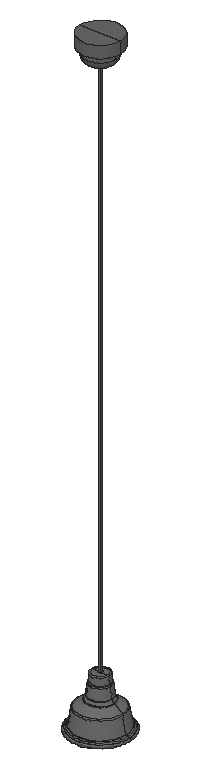
Revit family "Warehouse LED 8,10,12,14,16,18,20,24,27", category Lighting Fixtures, Revit 2020 (continued)
Definition of nested family "W518_1"
  Dimensions and locks (in)
    aligned and locked: plane 2 to level
    aligned and locked: plane 3 "Center (Left/Right)" to nested 1
    aligned and locked: plane 1 "Center (Front/Back)" to nested 1
    aligned and locked: plane 4 to nested 1
  Nested families (in)
    nested 1: "W518" at (0, 0, 6.04757), W518 <- "W518", visible <- "W518", BODY <- "Body", type "W518"
      with W518 yes, BODY none
  Definition of nested family "W518"
    Parameters (values of type "W518")
      W518 [instance] = yes
      BODY [instance] = none
      Default Elevation = 0' - 0"
    Reference planes (in)
      plane 1 "Center (Front/Back)": y = 0
      plane 2: z = 0
      plane 3 "Center (Left/Right)": x = 0
      plane 4: z = 9
      plane 5: x = 9
      plane 6: x = -9
    Forms (in)
      Revolve 1, solid, material <- "BODY", visible <- "W518"
        sketch origin (0, 0, -11.04666) x (1, 0, 0) y (0, 0, 1)
          loop
            line (-1.59375, 17.85916) -> (-1.68165, 16.10113)
            arc (-1.68165, 16.10113) -> (-1.71837, 16.01872) -> (-1.80099, 15.98249) r 0.125
            arc (-1.80099, 15.98249) -> (-2.35209, 15.87674) -> (-2.84967, 15.6173) r 1.93488
            arc (-2.84967, 15.6173) -> (-3.22859, 15.21382) -> (-3.42542, 14.69649) r 1.42671
            arc (-3.42542, 14.69649) -> (-3.46036, 14.62895) -> (-3.52797, 14.59416) r 0.125
            arc (-3.52797, 14.59416) -> (-5.67935, 14.13393) -> (-7.78125, 13.48416) r 24.70789
            line (-7.78125, 13.48416) -> (-8.6875, 11.20291)
            arc (-8.6875, 11.20291) -> (-8.796, 11.13431) -> (-8.92187, 11.10916) r 0.35215
            arc (-8.92187, 11.10916) -> (-8.9375, 11.12479) -> (-8.92187, 11.14041) r 0.01562
            line (-8.92187, 11.14041) -> (-8.92187, 11.20291)
            arc (-8.92187, 11.20291) -> (-9, 11.12479) -> (-8.92187, 11.04666) r 0.07812
            arc (-8.92187, 11.04666) -> (-8.75638, 11.08106) -> (-8.61377, 11.17182) r 0.46975
            line (-8.61377, 11.17182) -> (-7.72025, 13.42102)
            arc (-7.72025, 13.42102) -> (-5.64168, 14.06108) -> (-3.51474, 14.51526) r 24.62789
            arc (-3.51474, 14.51526) -> (-3.40385, 14.57232) -> (-3.34655, 14.68309) r 0.205
            arc (-3.34655, 14.68309) -> (-3.16071, 15.17148) -> (-2.80294, 15.55237) r 1.34671
            arc (-2.80294, 15.55237) -> (-2.32587, 15.80116) -> (-1.79747, 15.90257) r 1.85488
            arc (-1.79747, 15.90257) -> (-1.66197, 15.96199) -> (-1.60175, 16.09713) r 0.205
            line (-1.60175, 16.09713) -> (-1.51469, 17.8384) -> (-1.4796, 17.90858)
            arc (-1.4796, 17.90858) -> (-1.45919, 17.96393) -> (-1.45142, 18.0224) r 0.2675
            line (-1.45142, 18.0224) -> (-1.42129, 19.40826)
            arc (-1.42129, 19.40826) -> (-1.41696, 19.42657) -> (-1.40552, 19.44151) r 0.045
            arc (-1.40552, 19.44151) -> (-1.21631, 19.67084) -> (-1.11688, 19.95104) r 0.85675
            line (-1.11688, 19.95104) -> (-0.25, 19.95104) -> (-0.25, 20.04666) -> (-1.13181, 20.04666)
            arc (-1.13181, 20.04666) -> (-1.1726, 20.03152) -> (-1.19362, 19.99344) r 0.0625
            arc (-1.19362, 19.99344) -> (-1.28258, 19.73187) -> (-1.45746, 19.51798) r 0.77675
            arc (-1.45746, 19.51798) -> (-1.48924, 19.47648) -> (-1.50127, 19.42562) r 0.125
            line (-1.50127, 19.42562) -> (-1.53176, 18.02343)
            arc (-1.53176, 18.02343) -> (-1.53721, 17.98244) -> (-1.55151, 17.94365) r 0.1875
            line (-1.55151, 17.94365) -> (-1.59375, 17.85916)
          axis (0, 20.04666) -> (0, 11.04666)
        angle from 0 to 360
    Dimensions and locks (in)
      plane 4 to plane 2 = 0' - 9"
      plane 5 to plane 3 "Center (Left/Right)" = 0' - 9"
      plane 5 to plane 6 = 1' - 6"
      aligned and locked: plane 2 to level
Definition of nested family "W520_1"
  Parameters (values of type "W520_1")
    W520 [instance] = yes
    Light Elevation [instance] = 2' - 2.40703"
    Default Elevation = 0' - 0"
    Body [instance] = none
  Reference planes (in)
    plane 1 "Center (Front/Back)": y = 0
    plane 2: z = 0
    plane 3 "Center (Left/Right)": x = 0
    plane 4: z = 26.40703
  Dimensions and locks (in)
    "Light Elevation": plane 4 to plane 2
    aligned and locked: plane 2 to level
    aligned and locked: plane 3 "Center (Left/Right)" to nested 1
    aligned and locked: plane 1 "Center (Front/Back)" to nested 1
    aligned and locked: plane 4 to nested 1
  Nested families (in)
    nested 1: "W520" at (0, 0, 16.40703), W520 <- "W520", visible <- "W520", BODY <- "Body", type "W520"
      with W520 yes, BODY none
  Definition of nested family "W520"
    Parameters (values of type "W520")
      W520 [instance] = yes
      BODY [instance] = none
      Default Elevation = 0' - 0"
    Reference planes (in)
      plane 1 "Center (Front/Back)": y = 0
      plane 2: z = 0
      plane 3 "Center (Left/Right)": x = 0
      plane 4: z = 10
      plane 5: x = 10
      plane 6: x = -10
    Forms (in)
      Revolve 1, solid, material <- "BODY", visible <- "W520"
        sketch origin (0, 0, -8.21974) x (1, 0, 0) y (0, 0, 1)
          loop
            line (-1.51544, 16.05889) -> (-1.47335, 16.28227)
            arc (-1.47335, 16.28227) -> (-1.45675, 16.3325) -> (-1.45036, 16.38501) r 0.2675
            line (-1.45036, 16.38501) -> (-1.42129, 17.59689)
            arc (-1.42129, 17.59689) -> (-1.41697, 17.61524) -> (-1.40552, 17.63021) r 0.045
            arc (-1.40552, 17.63021) -> (-1.21631, 17.85955) -> (-1.11688, 18.13974) r 0.85675
            line (-1.11688, 18.13974) -> (-0.25, 18.13974) -> (-0.25, 18.21974) -> (-1.13181, 18.21974)
            arc (-1.13181, 18.21974) -> (-1.1726, 18.2046) -> (-1.19362, 18.16652) r 0.0625
            arc (-1.19362, 18.16652) -> (-1.28258, 17.90494) -> (-1.45746, 17.69105) r 0.77675
            arc (-1.45746, 17.69105) -> (-1.48924, 17.64956) -> (-1.50127, 17.5987) r 0.125
            line (-1.50127, 17.5987) -> (-1.53033, 16.38685)
            arc (-1.53033, 16.38685) -> (-1.53579, 16.34586) -> (-1.55009, 16.30707) r 0.1875
            line (-1.55009, 16.30707) -> (-1.59507, 16.06834) -> (-1.68165, 14.3367)
            arc (-1.68165, 14.3367) -> (-1.71837, 14.2543) -> (-1.80099, 14.21807) r 0.125
            arc (-1.80099, 14.21807) -> (-2.35209, 14.11232) -> (-2.84967, 13.85288) r 1.93488
            arc (-2.84967, 13.85288) -> (-3.23393, 13.38192) -> (-3.42732, 12.80566) r 1.69484
            arc (-3.42732, 12.80566) -> (-3.45977, 12.73812) -> (-3.52502, 12.70127) r 0.125
            arc (-3.52502, 12.70127) -> (-5.85218, 12.09379) -> (-8.11417, 11.27641) r 26.32023
            arc (-8.11417, 11.27641) -> (-8.23057, 11.20033) -> (-8.31123, 11.08707) r 0.375
            line (-8.31123, 11.08707) -> (-9.5625, 8.37599)
            arc (-9.5625, 8.37599) -> (-9.73642, 8.30702) -> (-9.92188, 8.28224) r 0.76659
            arc (-9.92188, 8.28224) -> (-9.9375, 8.29786) -> (-9.92187, 8.31349) r 0.01563
            line (-9.92187, 8.31349) -> (-9.92187, 8.37599)
            arc (-9.92187, 8.37599) -> (-10, 8.29786) -> (-9.92187, 8.21974) r 0.07812
            arc (-9.92187, 8.21974) -> (-9.6974, 8.25128) -> (-9.48986, 8.34246) r 0.82867
            line (-9.48986, 8.34246) -> (-8.2386, 11.05354)
            arc (-8.2386, 11.05354) -> (-8.17514, 11.14264) -> (-8.08358, 11.20249) r 0.295
            arc (-8.08358, 11.20249) -> (-5.82846, 12.01739) -> (-3.50837, 12.62302) r 26.24023
            arc (-3.50837, 12.62302) -> (-3.40136, 12.68345) -> (-3.34814, 12.79422) r 0.205
            arc (-3.34814, 12.79422) -> (-3.16466, 13.34188) -> (-2.80019, 13.78993) r 1.61484
            arc (-2.80019, 13.78993) -> (-2.32427, 14.0373) -> (-1.79747, 14.13815) r 1.85488
            arc (-1.79747, 14.13815) -> (-1.66197, 14.19756) -> (-1.60175, 14.33271) r 0.205
            line (-1.60175, 14.33271) -> (-1.51544, 16.05889)
          axis (0, 18.21974) -> (0, 8.21974)
        angle from 0 to 360
    Dimensions and locks (in)
      plane 4 to plane 2 = 0' - 10"
      plane 5 to plane 3 "Center (Left/Right)" = 0' - 10"
      plane 6 to plane 5 = 1' - 8"
      aligned and locked: plane 2 to level
Definition of nested family "W527_1"
  Parameters (values of type "W527_1")
    W527 [instance] = yes
    Light Elevation [instance] = 2' - 4.27702"
    Default Elevation = 0' - 0"
    Body [instance] = none
  Reference planes (in)
    plane 1 "Center (Front/Back)": y = 0
    plane 2: z = 0
    plane 3 "Center (Left/Right)": x = 0
    plane 4: z = 28.27702
  Dimensions and locks (in)
    "Light Elevation": plane 4 to plane 2
    aligned and locked: plane 2 to level
    aligned and locked: plane 3 "Center (Left/Right)" to nested 1
    aligned and locked: plane 1 "Center (Front/Back)" to nested 1
    aligned and locked: plane 4 to nested 1
  Nested families (in)
    nested 1: "W527" at (0, 0, 12.40202), visible <- "W527", BODY <- "Body", W527 <- "W527", type "W527"
      with W527 yes, BODY none
  Definition of nested family "W527"
    Parameters (values of type "W527")
      W527 [instance] = yes
      BODY [instance] = none
      Default Elevation = 0' - 0"
    Reference planes (in)
      plane 1 "Center (Front/Back)": y = 0
      plane 2: z = 0
      plane 3 "Center (Left/Right)": x = 0
      plane 4: z = 15.875
      plane 5: x = 13.5
      plane 6: x = -13.5
    Forms (in)
      Revolve 1, solid, material <- "BODY", visible <- "W527"
        sketch origin (0, 0, -5.69249) x (1, 0, 0) y (0, 0, 1)
          loop
            arc (-2.02015, 20.20665) -> (-2.09725, 20.17147) -> (-2.13307, 20.09467) r 0.1225
            line (-2.13307, 20.09467) -> (-2.24996, 18.69199)
            arc (-2.24996, 18.69199) -> (-2.31685, 18.54162) -> (-2.46271, 18.46541) r 0.25
            line (-2.46271, 18.46541) -> (-2.52253, 18.45661)
            arc (-2.52253, 18.45661) -> (-2.59657, 18.41646) -> (-2.62718, 18.33799) r 0.1225
            line (-2.62718, 18.33799) -> (-2.67361, 16.12904) -> (-3.0387, 16.12904)
            arc (-3.0387, 16.12904) -> (-3.37774, 15.99653) -> (-3.53708, 15.66923) r 0.5
            line (-3.53708, 15.66923) -> (-3.61917, 14.65135)
            arc (-3.61917, 14.65135) -> (-3.77851, 14.32405) -> (-4.11755, 14.19154) r 0.5
            line (-4.11755, 14.19154) -> (-4.2928, 14.19154)
            arc (-4.2928, 14.19154) -> (-4.85645, 14.01755) -> (-5.22397, 13.55614) r 1
            line (-5.22397, 13.55614) -> (-5.49245, 12.87044)
            arc (-5.49245, 12.87044) -> (-5.58859, 12.71582) -> (-5.73373, 12.60588) r 0.5
            arc (-5.73373, 12.60588) -> (-8.61036, 11.14331) -> (-11.42281, 9.56082) r 76.56501
            arc (-11.42281, 9.56082) -> (-11.88597, 9.18359) -> (-12.21708, 8.6864) r 2
            arc (-12.21708, 8.6864) -> (-12.78662, 7.30144) -> (-13.22237, 5.86874) r 15.78532
            arc (-13.22237, 5.86874) -> (-13.2768, 5.81354) -> (-13.34194, 5.77151) r 0.3542
            arc (-13.34194, 5.77151) -> (-13.416, 5.84779) -> (-13.34194, 5.92408) r 0.07632
            line (-13.34194, 5.92408) -> (-13.34194, 6.00409)
            arc (-13.34194, 6.00409) -> (-13.49568, 5.83775) -> (-13.32188, 5.69249) r 0.15632
            arc (-13.32188, 5.69249) -> (-13.23007, 5.72538) -> (-13.16238, 5.79559) r 0.21402
            line (-13.16238, 5.79559) -> (-13.06888, 6.13768)
            arc (-13.06888, 6.13768) -> (-12.66047, 7.41484) -> (-12.14461, 8.6525) r 15.70532
            arc (-12.14461, 8.6525) -> (-11.82676, 9.1298) -> (-11.38211, 9.49194) r 1.92
            arc (-11.38211, 9.49194) -> (-8.57234, 11.07292) -> (-5.69843, 12.53408) r 76.48501
            arc (-5.69843, 12.53408) -> (-5.52971, 12.66167) -> (-5.41796, 12.84127) r 0.58
            line (-5.41796, 12.84127) -> (-5.14947, 13.52697)
            arc (-5.14947, 13.52697) -> (-4.81136, 13.95147) -> (-4.2928, 14.11154) r 0.92
            line (-4.2928, 14.11154) -> (-4.11755, 14.11154)
            arc (-4.11755, 14.11154) -> (-3.72426, 14.26525) -> (-3.53943, 14.64492) r 0.58
            line (-3.53943, 14.64492) -> (-3.45734, 15.6628)
            arc (-3.45734, 15.6628) -> (-3.3235, 15.93773) -> (-3.0387, 16.04904) r 0.42
            line (-3.0387, 16.04904) -> (-2.59528, 16.04904) -> (-2.54719, 18.33631)
            arc (-2.54719, 18.33631) -> (-2.53657, 18.36353) -> (-2.51089, 18.37747) r 0.0425
            line (-2.51089, 18.37747) -> (-2.45107, 18.38627)
            arc (-2.45107, 18.38627) -> (-2.25853, 18.48686) -> (-2.17024, 18.68535) r 0.33
            line (-2.17024, 18.68535) -> (-2.05335, 20.08802)
            arc (-2.05335, 20.08802) -> (-2.04092, 20.11467) -> (-2.01417, 20.12687) r 0.0425
            arc (-2.01417, 20.12687) -> (-1.80095, 20.22825) -> (-1.7091, 20.44538) r 0.33
            line (-1.7091, 20.44538) -> (-1.67418, 21.44552)
            arc (-1.67418, 21.44552) -> (-1.66123, 21.47461) -> (-1.6317, 21.48654) r 0.0425
            line (-1.6317, 21.48654) -> (-0.25, 21.48654) -> (-0.25, 21.56654) -> (-1.6317, 21.56654)
            arc (-1.6317, 21.56654) -> (-1.7168, 21.53216) -> (-1.75413, 21.44832) r 0.1225
            line (-1.75413, 21.44832) -> (-1.78905, 20.44817)
            arc (-1.78905, 20.44817) -> (-1.85864, 20.28368) -> (-2.02015, 20.20665) r 0.25
          axis (0, 21.56654) -> (0, 5.69249)
        angle from 0 to 360
    Dimensions and locks (in)
      plane 4 to plane 2 = 1' - 3 7/8"
      plane 5 to plane 3 "Center (Left/Right)" = 1' - 1 1/2"
      plane 5 to plane 6 = 2' - 3"
      aligned and locked: plane 2 to level
Types (10): name | b | a | Weight | Wattage Comments | Wattage | W527 | W524 | W520 | W518 | W516 | W514 | W512 | W510 | W508 | URL | Photometric Web File | Mounting Option | Placement X axis side | Model | built-in parameter 1150105 | Lumens | Light Elevation _2 | Light Elevation _1 | built-in parameter 1150106 | Fixture Height | Fixture Diameter | E 6 26 inch | Cord or Stem Mount | Apparent Load
  (no name) | 0' - 2" | 0' - 6 7/8" | "1.0 lb" | "9 W" | 5.72229 W | no | no | no | no | no | no | no | no | yes | "https://www.anplighting.com/assets/Uploads/product-attachments/specification-sheets/ANP-Specification-Sheet-RLM-LED-W508.pdf" | "W508M009LDNW40K.IES" | 1 | 0' - 0" | "W508" | 67.641 (stored number, unit not read) | 850 lm | 6' - 4.3622" | 6' - 3.66142" | 0.67641 (stored number, unit not read) | 0' - 6 7/8" | 0' - 8" | no | yes | 9 VA
  W508 | 0' - 2" | 0' - 6 7/8" | "1.0 lb" | "9 W" | 5.72229 W | no | no | no | no | no | no | no | no | yes | "https://www.anplighting.com/assets/Uploads/product-attachments/specification-sheets/ANP-Specification-Sheet-RLM-LED-W508.pdf" | "W508M009LDNW40K.IES" | 1 | 0' - 0" | "W508" | 67.641 (stored number, unit not read) | 850 lm | 6' - 4.3622" | 6' - 3.66142" | 0.67641 (stored number, unit not read) | 0' - 6 7/8" | 0' - 8" | no | yes | 9 VA
  W510 | 0' - 2" | 0' - 6 1/2" | "1.0 lb" | "10 W" | 8.41513 W | no | no | no | no | no | no | no | yes | no | "https://www.anplighting.com/assets/Uploads/product-attachments/specification-sheets/ANP-Specification-Sheet-RLM-LED-W510.pdf" | "W510M010LDDW40K.IES" | 2 | 2' - 2" | "W510" | 99.472 (stored number, unit not read) | 1250 lm | 0' - 1.53543" | 0' - 0.87402" | 0.99472 (stored number, unit not read) | 0' - 6 1/2" | 0' - 10" | yes | no | 10 VA
  W512 | 0' - 2" | 0' - 7 1/8" | "1.0 lb" | "16 W" | 13.4642 W | no | no | no | no | no | no | yes | no | no | "https://www.anplighting.com/assets/Uploads/product-attachments/specification-sheets/ANP-Specification-Sheet-RLM-LED-W512-101722.pdf" | "W510M010LDDW40K.IES" | 1 | 0' - 0" | "W512" | 159.15 (stored number, unit not read) | 2000 lm | 6' - 4.3622" | 6' - 3.66142" | 1.5915 (stored number, unit not read) | 0' - 7 1/8" | 1' - 0 1/8" | no | yes | 16 VA
  W514 | 0' - 2" | 0' - 7 1/8" | "1.5 lbs" | "16 W" | 13.4642 W | no | no | no | no | no | yes | no | no | no | "https://www.anplighting.com/assets/Uploads/product-attachments/specification-sheets/ANP-Specification-Sheet-RLM-LED-W514-101722.pdf" | "W514-100GLCL-32WPL-T15295-.ies" | 1 | 0' - 0" | "W514" | 159.15 (stored number, unit not read) | 2000 lm | 6' - 4.3622" | 6' - 3.66142" | 1.5915 (stored number, unit not read) | 0' - 7 1/8" | 1' - 2 5/8" | no | yes | 16 VA
  W516 | 0' - 2" | 0' - 8 3/4" | "1.5 lbs" | "16 W" | 13.4642 W | no | no | no | no | yes | no | no | no | no | "https://www.anplighting.com/assets/Uploads/product-attachments/specification-sheets/ANP-Specification-Sheet-RLM-LED-W516..pdf" | "W516M016LDNW40K.IES" | 1 | 0' - 0" | "W516" | 159.15 (stored number, unit not read) | 2000 lm | 6' - 4.3622" | 6' - 3.66142" | 1.5915 (stored number, unit not read) | 0' - 8 3/4" | 1' - 4" | no | yes | 16 VA
  W518 | 0' - 2" | 0' - 9" | "2.0 lbs" | "24 W" | 20.1963 W | no | no | no | yes | no | no | no | no | no | "https://www.anplighting.com/assets/Uploads/product-attachments/specification-sheets/ANP-Specification-Sheet-RLM-LED-W518.pdf" | "W518-100INC-T15300.IES" | 1 | 0' - 0" | "W518" | 238.73 (stored number, unit not read) | 3000 lm | 6' - 4.3622" | 6' - 3.66142" | 2.3873 (stored number, unit not read) | 0' - 9" | 1' - 6" | no | yes | 24 VA
  W520 | 0' - 2" | 0' - 10" | "2.5 lbs" | "24 W" | 20.1963 W | no | no | yes | no | no | no | no | no | no | "https://www.anplighting.com/assets/Uploads/product-attachments/specification-sheets/ANP-Specification-Sheet-RLM-LED-W520.pdf" | "W520M024LDDW40K.IES" | 1 | 0' - 0" | "W520" | 238.73 (stored number, unit not read) | 3000 lm | 6' - 4.3622" | 6' - 3.66142" | 2.3873 (stored number, unit not read) | 0' - 10" | 1' - 8" | no | yes | 24 VA
  W524 | 0' - 3" | 1' - 3 1/2" | "5.5 lbs" | "37 W" | 26.9284 W | no | yes | no | no | no | no | no | no | no | "https://www.anplighting.com/assets/Uploads/product-attachments/specification-sheets/ANP-Specification-Sheet-RLM-LED-W524.pdf" | "W520M024LDDW40K.IES" | 1 | 0' - 0" | "W524" | 318.31 (stored number, unit not read) | 4000 lm | 6' - 4.3622" | 6' - 3.66142" | 3.1831 (stored number, unit not read) | 1' - 3 1/2" | 2' - 0 1/8" | no | yes | 37 VA
  W527 | 0' - 3" | 1' - 3 7/8" | "6.0 lbs" | "37 W" | 20.1963 W | yes | no | no | no | no | no | no | no | no | "https://www.anplighting.com/assets/Uploads/product-attachments/specification-sheets/ANP-Specification-Sheet-RLM-LED-W527..pdf" | "W527M037LDDW40K.IES" | 1 | 0' - 0" | "W527" | 238.73 (stored number, unit not read) | 3000 lm | 6' - 4.3622" | 6' - 3.66142" | 2.3873 (stored number, unit not read) | 1' - 3 7/8" | 2' - 3" | no | yes | 37 VA
